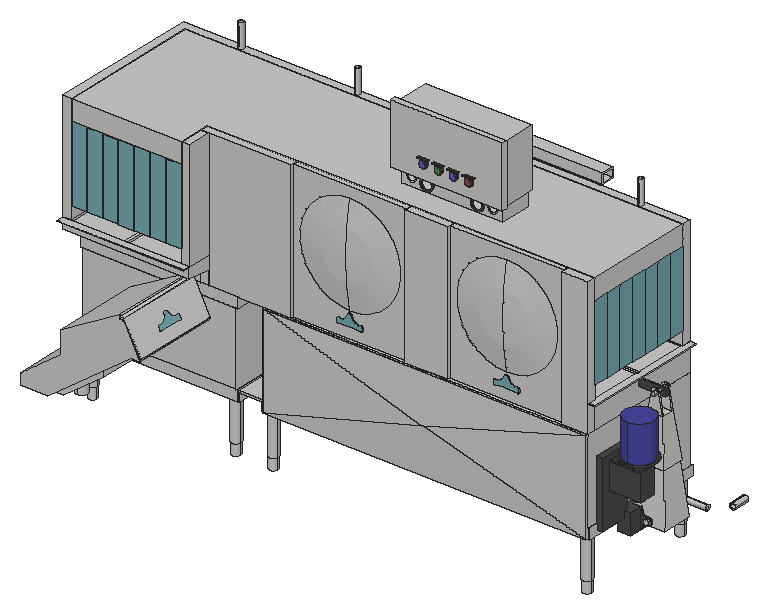
Revit family (continued)
Connectors (in)
  piping at (-21.64103, -48.75, 60), driven by "Cold Water Flow"
    settings: on Extrusion 123, index 10, connector radius 3/8", flow factor 0, pipe flow 0.00 GPM, pressure drop 0.00 psi, fitting loss kfactor 0, connector angle 0.00°, fixture units 0, flow configuration 1, flow direction 1, fitting loss method 0, system type 20, connector reference index -1, connector utility 0, adjustable connector no, is connector primary no, fitting loss table "", connector description "Cold Water"
  piping at (72.32772, -51, 8)
    settings: on Sweep 125, index 11, connector radius 3/8", flow factor 0, pipe flow 0.00 GPM, pressure drop 0.00 psi, fitting loss kfactor 0, connector angle 0.00°, fixture units 0, flow configuration 1, flow direction 2, fitting loss method 0, system type 8, connector reference index -1, connector utility 0, adjustable connector no, is connector primary no, fitting loss table "", connector description "Condensate Return"
  piping at (77.32772, -51, 10), driven by "Steam Supply Volume"
    settings: on Extrusion 124, index 12, connector radius 1/2", flow factor 0, pipe flow 0.00 GPM, pressure drop 0.00 psi, fitting loss kfactor 0, connector angle 0.00°, fixture units 0, flow configuration 1, flow direction 1, fitting loss method 0, system type 7, connector reference index -1, connector utility 0, adjustable connector no, is connector primary no, fitting loss table "", connector description "Steam Supply"
Definition of nested family "QF_Stero_ER-94SC_L-R_S_EX"
  Parameters (values of type "Nested")
    Watermarked By = "http://revitwatermark.com"
    Ventilation Remarks [instance] = ""
    Type Comments = "⍁⍉⌁⌀⏭⎽⌇⍠⌜⍉⎖⌥⌦⌯⍭⏊⍻⍿⍊⏵⍊⏗⏠⍴⎡⌈⎀⍠⌓⌤⏘⎐⍀⌐⏬⏁⎈⏍⏦⎒⏬⌝⍩⍇⌣〈⎫〉⎁⏊⍥⍖⍥⍝⍦⌖⍀⏌⏭⎝⎼⏷⏞⍻⏯⎽⏷⏞⍻⏯⎽⏷⎺⌻⎝⍎⌧⏷⏟⏿⌿⍜⍦⍤⌁⍬⏶⏎⍊⏚⏉⎞⌡⎀⎪⏈⌟⌿⍾⍼⌟⌿⌢⏮⏝⏝⏛⎽⎻⎷⎳⎻⎗⌾⍼⎴⏿⏰⏑⏮⍮⍺⏼⏅⎏⌽⌻⍽⎝⍮⎧⎯⏛⎼⎮⍾⏬⏇⏎⏳⏦⏠⎧⎳⍷⏿⌏"
    Item Number [instance] = "-"
    Exhaust Volume [instance] = 0 CFM
    Exhaust Vent Width [instance] = 1' - 4"
    Exhaust Vent Depth [instance] = 0' - 4"
    Exhaust Static Press [instance] = 0.00 in-wg
    Exhaust RI Height [instance] = 0' - 0"
    Description = ""
    Assembly Code = ""
  Reference planes (in)
    plane 1 "Center (Back)": y = 0
    plane 2: z = 0
    plane 3 "Center (Left)": x = 0
    plane 4: x = 16
    plane 5: y = -4
  Lines and regions (in)
    symbolic lines, style "QF_Multiple Utilities"
      curve 1: line (0, 0, 0) -> (16, 0, 0)
      curve 2: line (0, -4, 0) -> (0, 0, 0)
      curve 3: line (16, -4, 0) -> (0, -4, 0)
      curve 4: line (16, 0, 0) -> (16, -4, 0)
      curve 5: line (16, 0, 0) -> (0, -4, 0)
      curve 6: line (0, 0, 0) -> (16, -4, 0)
  Dimensions and locks (in)
    "Exhaust Vent Width": plane 3 "Center (Left)" to plane 4
    "Exhaust Vent Depth": plane 1 "Center (Back)" to plane 5
    aligned and locked: level to plane 2
    aligned and locked: plane 1 "Center (Back)" to curve 1
    aligned and locked: plane 3 "Center (Left)" to curve 2
    aligned and locked: curve 3 to plane 5
    aligned and locked: curve 4 to plane 4
Definition of nested family "QF_Stero_ER-94SC_L-R_S_HW2"
  Parameters (values of type "Nested")
    Watermarked By = "http://revitwatermark.com"
    Type Comments = "⍁⍉⌁⌀⏭⎽⌇⍠⌜⍉⎖⌥⌦⌯⍭⏊⍻⍿⍊⏵⍊⏗⏠⍴⎡⌈⎀⍠⌓⌤⏘⎐⍀⌐⏬⏁⎈⏍⏦⎒⏬⌝⍩⍇⌣〈⎫〉⎁⏊⍥⍖⍥⍝⍦⌖⍀⏌⏭⎝⎼⏷⏞⍻⏯⎽⏷⏞⍻⏯⎽⏷⎺⌻⎝⍎⌧⏷⏟⏿⌿⍜⍦⍤⌁⍬⏶⏎⍊⏚⏉⎞⌡⎀⎪⏈⌟⌿⍾⍼⌟⌿⌢⏮⏝⏝⏛⎽⎻⎷⎳⎻⎗⌾⍼⎴⏿⏰⏑⏮⍮⍺⏼⏅⎏⌽⌻⍽⎝⍮⎧⎯⏛⎼⎮⍾⏬⏇⏎⏳⏦⏠⎧⎳⍷⏿⌏"
    Plumbing Remarks [instance] = ""
    Item Number [instance] = "-"
    Hot Water Temperature [instance] = 0 °F
    Hot Water Size [instance] = 1/4"
    Hot Water RI Height [instance] = 0' - 0"
    Hot Water Minimum Pressure [instance] = 0.00 psi
    Hot Water Maximum Pressure [instance] = 0.00 psi
    Hot Water Flow [instance] = 0.00 GPM
    Hot Water Consumption [instance] = 0.00 GPM
    Hot Water Connection Height [instance] = 0' - 0"
    Description = ""
    Hot Water Size Radius [instance] = Hot Water Size / 2  # 1/8"
    Assembly Code = ""
  Reference planes (in)
    plane 1 "Center (Back)": y = 0
    plane 2: z = 0
    plane 3 "Center (Left)": x = 0
  Lines and regions (in)
    symbolic lines, style "QF_Multiple Utilities"
      curve 1: circle (0, 0, 0) r 0.125 normal (0, 0, 1)
  Dimensions and locks (in)
    "Hot Water Size Radius": radius of curve 1
    aligned and locked: level to plane 2
  Automatic sketch dimensions
    plane 1 "Center (Back)" to curve 1 = 0' - 0"
    curve 1 to plane 3 "Center (Left)" = 0' - 0"
Types (3): name | Watermarked By | Volts | FL Amps | Apparent Power
  (no name) | "" | 208 V | 83.6 A | 30082.6 VA
  208/60/3 | "http://revitwatermark.com" | 208 V | 83.6 A | 30082.6 VA
  480/60/3 | "" | 480 V | 37.9 A | 31472.2 VA
